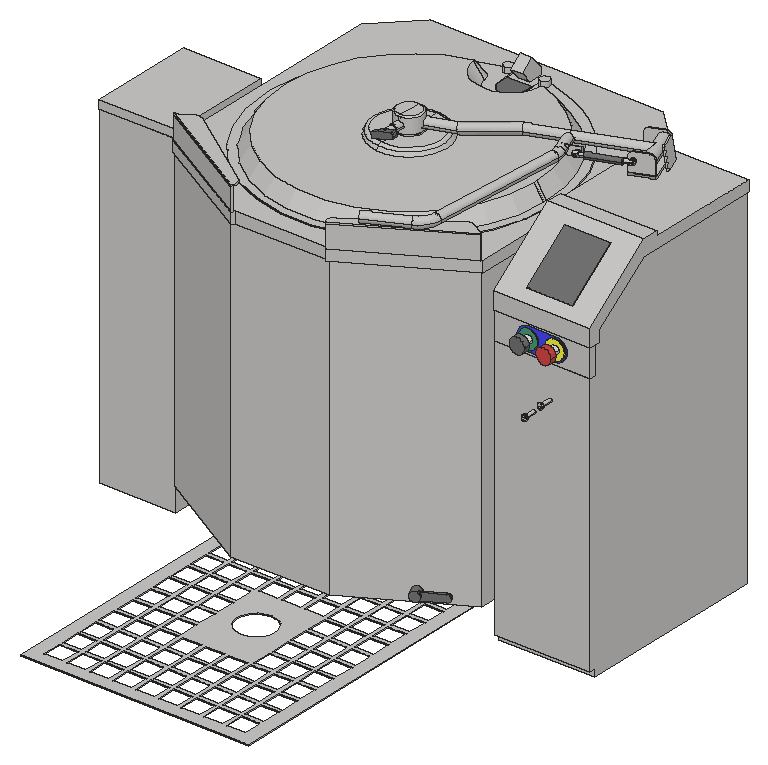
Revit family "QF_DIETATEC_C-CLASSIC_200_180516033151", category Specialty Equipment, Revit 2015
Parameters
  Width [instance] = 1305 mm
  Weight in Pounds [instance] = 418.874
  Volts [instance] = 400 V
  URL Cutsheet [instance] = ""
  URL = "www.dietatec.com"
  Status [instance] = ""
  Specification by User [instance] = ""
  Specification by Manufacturer [instance] = ""
  Serial Number [instance] = "C-CLASSIC_200"
  Seismic Rating [instance] = ""
  SMACNA No [instance] = ""
  Revision Code [instance] = ""
  Phase [instance] = 0
  Number of Poles [instance] = 3
  NAFEM Spec ID Number [instance] = ""
  Model = "54315"
  Min Ckt Ampacity [instance] = 0 A
  Max Overcurrent Protection [instance] = 0 A
  Masterspec [instance] = ""
  Manufacturer = "DIETATEC"
  ListPrice [instance] = 0
  Item Number [instance] = ""
  Installed By [instance] = ""
  Identify Quantity as Lot [instance] = yes
  Height [instance] = 1000 mm
  HP [instance] = ""
  Furnished By [instance] = ""
  Foodservice Equipment Identifier [instance] = yes
  FL Amps [instance] = 50 A
  Elec Conn RI Height [instance] = 0 mm
  Elec Conn Connection Height [instance] = 120 mm
  Description = "DIETA C-CLASSIC 200 KETTLE, ELECTRIC MODEL"
  Depth [instance] = 882 mm
  Cycle [instance] = 50 Hz
  Conn Plug [instance] = ""
  Conn Conduit [instance] = yes
  CSI MasterFormat [instance] = ""
  Assembly Code = "E1090320"
  Apparent Power [instance] = 31000 VA
Reference planes
  plane 1 "Center (Front/Back)": y = 0
  plane 2: z = 0
  plane 3 "Center (Left/Right)": x = 0
Forms (mm)
  Extrusion 1, solid, not visible
    sketch origin (954.4, -182.2, 120) x (1, 0, 0) y (0, 1, 0)
      loop
        line (0, 0) -> (2, 0) -> (2, 2) -> (0, 2) -> (0, 0)
    from 0 to 2
Dimensions and locks
  aligned and locked: level to plane 2
Nested families
  nested 1: "QF_Dietatec_C-CLASSIC_200_FL" at (0, 0, 0), type "54315_400_3"
    with Width 1305 mm, Status "", Specification by User "", Show Logo yes, Show Clearance yes, Revision Code "", Plumbing Remarks "", Plumbing Connection Type "", Number of Poles 3, ListPrice 0, Item Number "", Installed By "", Identify Quantity as Lot no, Height 1000 mm, Furnished By "", Foodservice Equipment Identifier yes, Electrical Remarks "", Electric Connection Type "", Elec Conn RI Height 0 mm, Elec Conn Connection Height 120 mm, Depth 882 mm, Conn Conduit no, Cold Water RI Height 120 mm, Cold Water Flow 0.0 L/s, Cold Water Consumption "", Cold Water Connection Height 120 mm
  nested 2: "QF_Dietatec_KETTLE_LEFT_LEG" at (0, -84, 0), type "KETTLE_LEFT_LEG"
    with Width 275 mm, Status "", Specification by User "", Show Logo yes, Show Clearance yes, Revision Code "", ListPrice 0, Item Number "", Installed By "", Identify Quantity as Lot no, Height 900 mm, Furnished By "", Foodservice Equipment Identifier yes, Depth 200 mm
Connectors
  electrical at (955.4, -180.2, 121), driven by "Volts"
    settings: on Extrusion 1, index 1, voltage 400 V, apparent load 31000 VA, apparent load phase1 0 VA, apparent load phase2 0 VA, apparent load phase3 0 VA, power factor 1, load classification "Other", number of poles 1, system type 30, power factor state 1, is connector primary yes, connector utility no, sub classification motor no, connector description "Electrical connection"
Definition of nested family "QF_Dietatec_C-CLASSIC_200_FL"
  Parameters (values of type "54315_400_3")
    Width [instance] = 0 mm
    Weight in Pounds = 418.8778
    Watts = 500 W
    Volts = 230 V
    URL Cutsheet = "www.dietatec.com"
    URL = "www.dietatec.com"
    Status [instance] = ""
    Specification by User [instance] = ""
    Specification by Manufacturer = ""
    Show Logo [instance] = yes
    Show Clearance [instance] = yes
    Serial Number = ""
    Seismic Rating = ""
    SMACNA No = ""
    Revision Code [instance] = ""
    Plumbing Remarks [instance] = ""
    Plumbing Connection Type [instance] = ""
    Phase = 1
    Number of Poles [instance] = 1
    NAFEM Spec ID Number = ""
    Model = "54315+43730"
    Min Ckt Ampacity = 0 A
    Max Overcurrent Protection = 0 A
    Masterspec = ""
    Manufacturer = "DIETATEC"
    ListPrice [instance] = 0
    Item Number [instance] = ""
    Installed By [instance] = ""
    Identify Quantity as Lot [instance] = no
    Height [instance] = 0 mm
    HP = "0.670510000000"
    Furnished By [instance] = ""
    Foodservice Equipment Identifier [instance] = yes
    FL Amps = 10 A
    Electrical Remarks [instance] = ""
    Electric Connection Type [instance] = ""
    Elec Conn RI Height [instance] = 0 mm
    Elec Conn Connection Height [instance] = 120 mm
    Description = "DIETA C-CLASSIC 200 KETTLE, STEAM MODEL"
    Depth [instance] = 0 mm
    Cycle = 50 Hz
    Conn Plug = ""
    Conn Conduit [instance] = no
    Cold Water Temperature Recommended = 0 °C
    Cold Water Size = 12.7 mm
    Cold Water RI Height [instance] = 120 mm
    Cold Water Minimum Pressure = 20000.0 Pa
    Cold Water Maximum Pressure = 50000.0 Pa
    Cold Water Flow [instance] = 0.0 L/s
    Cold Water Consumption [instance] = ""
    Cold Water Connection Height [instance] = 120 mm
    CSI MasterFormat = ""
    Assembly Code = "E1090320"
    Apparent Power = 500 VA
  Reference planes
    plane 1 "Back": y = 0
    plane 2: z = 0
    plane 3 "Left": x = 0
    plane 4 "Right": x = 1101.351
    plane 5 "Front": y = -882.143
    plane 6 "Top": z = 1000
  Forms (mm)
    Extrusion 1, solid
      sketch origin (1928.665, 818.484, 150) x (1, 0, 0) y (0, 1, 0)
        loop
          line (-1804.703, -1372.685) -> (-1804.703, -2172.685) -> (-1204.703, -2172.685) -> (-1204.703, -1372.685) -> (-1804.703, -1372.685)
        loop
          line (-1769.703, -1427.685) -> (-1769.703, -1477.685) -> (-1719.703, -1477.685) -> (-1719.703, -1427.685) -> (-1769.703, -1427.685)
        loop
          line (-1709.703, -1427.685) -> (-1709.703, -1477.685) -> (-1659.703, -1477.685) -> (-1659.703, -1427.685) -> (-1709.703, -1427.685)
        loop
          line (-1649.703, -1427.685) -> (-1649.703, -1477.685) -> (-1599.703, -1477.685) -> (-1599.703, -1427.685) -> (-1649.703, -1427.685)
        loop
          line (-1589.703, -1427.685) -> (-1589.703, -1477.685) -> (-1539.703, -1477.685) -> (-1539.703, -1427.685) -> (-1589.703, -1427.685)
        loop
          line (-1529.703, -1427.685) -> (-1529.703, -1477.685) -> (-1479.703, -1477.685) -> (-1479.703, -1427.685) -> (-1529.703, -1427.685)
        loop
          line (-1469.703, -1427.685) -> (-1469.703, -1477.685) -> (-1419.703, -1477.685) -> (-1419.703, -1427.685) -> (-1469.703, -1427.685)
        loop
          line (-1409.703, -1427.685) -> (-1409.703, -1477.685) -> (-1359.703, -1477.685) -> (-1359.703, -1427.685) -> (-1409.703, -1427.685)
        loop
          line (-1349.703, -1427.685) -> (-1349.703, -1477.685) -> (-1299.703, -1477.685) -> (-1299.703, -1427.685) -> (-1349.703, -1427.685)
        loop
          line (-1289.703, -1427.685) -> (-1289.703, -1477.685) -> (-1239.703, -1477.685) -> (-1239.703, -1427.685) -> (-1289.703, -1427.685)
        loop
          line (-1769.703, -1487.685) -> (-1769.703, -1537.685) -> (-1719.703, -1537.685) -> (-1719.703, -1487.685) -> (-1769.703, -1487.685)
        loop
          line (-1709.703, -1487.685) -> (-1709.703, -1537.685) -> (-1659.703, -1537.685) -> (-1659.703, -1487.685) -> (-1709.703, -1487.685)
        loop
          line (-1649.703, -1487.685) -> (-1649.703, -1537.685) -> (-1599.703, -1537.685) -> (-1599.703, -1487.685) -> (-1649.703, -1487.685)
        loop
          line (-1589.703, -1487.685) -> (-1589.703, -1537.685) -> (-1539.703, -1537.685) -> (-1539.703, -1487.685) -> (-1589.703, -1487.685)
        loop
          line (-1529.703, -1487.685) -> (-1529.703, -1537.685) -> (-1479.703, -1537.685) -> (-1479.703, -1487.685) -> (-1529.703, -1487.685)
        loop
          line (-1469.703, -1487.685) -> (-1469.703, -1537.685) -> (-1419.703, -1537.685) -> (-1419.703, -1487.685) -> (-1469.703, -1487.685)
        loop
          line (-1409.703, -1487.685) -> (-1409.703, -1537.685) -> (-1359.703, -1537.685) -> (-1359.703, -1487.685) -> (-1409.703, -1487.685)
        loop
          line (-1349.703, -1487.685) -> (-1349.703, -1537.685) -> (-1299.703, -1537.685) -> (-1299.703, -1487.685) -> (-1349.703, -1487.685)
        loop
          line (-1289.703, -1487.685) -> (-1289.703, -1537.685) -> (-1239.703, -1537.685) -> (-1239.703, -1487.685) -> (-1289.703, -1487.685)
        loop
          line (-1769.703, -1547.685) -> (-1769.703, -1597.685) -> (-1719.703, -1597.685) -> (-1719.703, -1547.685) -> (-1769.703, -1547.685)
        loop
          line (-1709.703, -1547.685) -> (-1709.703, -1597.685) -> (-1659.703, -1597.685) -> (-1659.703, -1547.685) -> (-1709.703, -1547.685)
        loop
          line (-1649.703, -1547.685) -> (-1649.703, -1597.685) -> (-1599.703, -1597.685) -> (-1599.703, -1547.685) -> (-1649.703, -1547.685)
        loop
          line (-1589.703, -1547.685) -> (-1589.703, -1597.685) -> (-1539.703, -1597.685) -> (-1539.703, -1547.685) -> (-1589.703, -1547.685)
        loop
          line (-1529.703, -1547.685) -> (-1529.703, -1597.685) -> (-1479.703, -1597.685) -> (-1479.703, -1547.685) -> (-1529.703, -1547.685)
        loop
          line (-1469.703, -1547.685) -> (-1469.703, -1597.685) -> (-1419.703, -1597.685) -> (-1419.703, -1547.685) -> (-1469.703, -1547.685)
        loop
          line (-1409.703, -1547.685) -> (-1409.703, -1597.685) -> (-1359.703, -1597.685) -> (-1359.703, -1547.685) -> (-1409.703, -1547.685)
        loop
          line (-1349.703, -1547.685) -> (-1349.703, -1597.685) -> (-1299.703, -1597.685) -> (-1299.703, -1547.685) -> (-1349.703, -1547.685)
        loop
          line (-1289.703, -1547.685) -> (-1289.703, -1597.685) -> (-1239.703, -1597.685) -> (-1239.703, -1547.685) -> (-1289.703, -1547.685)
        loop
          line (-1769.703, -1607.685) -> (-1769.703, -1657.685) -> (-1719.703, -1657.685) -> (-1719.703, -1607.685) -> (-1769.703, -1607.685)
        loop
          line (-1709.703, -1607.685) -> (-1709.703, -1657.685) -> (-1659.703, -1657.685) -> (-1659.703, -1607.685) -> (-1709.703, -1607.685)
        loop
          line (-1649.703, -1607.685) -> (-1649.703, -1657.685) -> (-1599.703, -1657.685) -> (-1599.703, -1607.685) -> (-1649.703, -1607.685)
        loop
          line (-1589.703, -1607.685) -> (-1589.703, -1657.685) -> (-1539.703, -1657.685) -> (-1539.703, -1607.685) -> (-1589.703, -1607.685)
        loop
          line (-1529.703, -1607.685) -> (-1529.703, -1657.685) -> (-1479.703, -1657.685) -> (-1479.703, -1607.685) -> (-1529.703, -1607.685)
        loop
          line (-1469.703, -1607.685) -> (-1469.703, -1657.685) -> (-1419.703, -1657.685) -> (-1419.703, -1607.685) -> (-1469.703, -1607.685)
        loop
          line (-1409.703, -1607.685) -> (-1409.703, -1657.685) -> (-1359.703, -1657.685) -> (-1359.703, -1607.685) -> (-1409.703, -1607.685)
        loop
          line (-1349.703, -1607.685) -> (-1349.703, -1657.685) -> (-1299.703, -1657.685) -> (-1299.703, -1607.685) -> (-1349.703, -1607.685)
        loop
          line (-1289.703, -1607.685) -> (-1289.703, -1657.685) -> (-1239.703, -1657.685) -> (-1239.703, -1607.685) -> (-1289.703, -1607.685)
        loop
          line (-1769.703, -1667.685) -> (-1769.703, -1717.685) -> (-1719.703, -1717.685) -> (-1719.703, -1667.685) -> (-1769.703, -1667.685)
        loop
          line (-1709.703, -1667.685) -> (-1709.703, -1717.685) -> (-1659.703, -1717.685) -> (-1659.703, -1667.685) -> (-1709.703, -1667.685)
        loop
          line (-1649.703, -1667.685) -> (-1649.703, -1717.685) -> (-1599.703, -1717.685) -> (-1599.703, -1667.685) -> (-1649.703, -1667.685)
        loop
          line (-1409.703, -1667.685) -> (-1409.703, -1717.685) -> (-1359.703, -1717.685) -> (-1359.703, -1667.685) -> (-1409.703, -1667.685)
        loop
          line (-1349.703, -1667.685) -> (-1349.703, -1717.685) -> (-1299.703, -1717.685) -> (-1299.703, -1667.685) -> (-1349.703, -1667.685)
        loop
          line (-1289.703, -1667.685) -> (-1289.703, -1717.685) -> (-1239.703, -1717.685) -> (-1239.703, -1667.685) -> (-1289.703, -1667.685)
        loop
          line (-1769.703, -1727.685) -> (-1769.703, -1777.685) -> (-1719.703, -1777.685) -> (-1719.703, -1727.685) -> (-1769.703, -1727.685)
        loop
          line (-1709.703, -1727.685) -> (-1709.703, -1777.685) -> (-1659.703, -1777.685) -> (-1659.703, -1727.685) -> (-1709.703, -1727.685)
        loop
          line (-1649.703, -1727.685) -> (-1649.703, -1777.685) -> (-1599.703, -1777.685) -> (-1599.703, -1727.685) -> (-1649.703, -1727.685)
        loop
          line (-1409.703, -1727.685) -> (-1409.703, -1777.685) -> (-1359.703, -1777.685) -> (-1359.703, -1727.685) -> (-1409.703, -1727.685)
        loop
          line (-1349.703, -1727.685) -> (-1349.703, -1777.685) -> (-1299.703, -1777.685) -> (-1299.703, -1727.685) -> (-1349.703, -1727.685)
        loop
          line (-1289.703, -1727.685) -> (-1289.703, -1777.685) -> (-1239.703, -1777.685) -> (-1239.703, -1727.685) -> (-1289.703, -1727.685)
        loop
          line (-1769.703, -1787.685) -> (-1769.703, -1837.685) -> (-1719.703, -1837.685) -> (-1719.703, -1787.685) -> (-1769.703, -1787.685)
        loop
          line (-1709.703, -1787.685) -> (-1709.703, -1837.685) -> (-1659.703, -1837.685) -> (-1659.703, -1787.685) -> (-1709.703, -1787.685)
        loop
          line (-1649.703, -1787.685) -> (-1649.703, -1837.685) -> (-1599.703, -1837.685) -> (-1599.703, -1787.685) -> (-1649.703, -1787.685)
        loop
          line (-1409.703, -1787.685) -> (-1409.703, -1837.685) -> (-1359.703, -1837.685) -> (-1359.703, -1787.685) -> (-1409.703, -1787.685)
        loop
          line (-1349.703, -1787.685) -> (-1349.703, -1837.685) -> (-1299.703, -1837.685) -> (-1299.703, -1787.685) -> (-1349.703, -1787.685)
        loop
          line (-1289.703, -1787.685) -> (-1289.703, -1837.685) -> (-1239.703, -1837.685) -> (-1239.703, -1787.685) -> (-1289.703, -1787.685)
        loop
          line (-1769.703, -1847.685) -> (-1769.703, -1897.685) -> (-1719.703, -1897.685) -> (-1719.703, -1847.685) -> (-1769.703, -1847.685)
        loop
          line (-1709.703, -1847.685) -> (-1709.703, -1897.685) -> (-1659.703, -1897.685) -> (-1659.703, -1847.685) -> (-1709.703, -1847.685)
        loop
          line (-1649.703, -1847.685) -> (-1649.703, -1897.685) -> (-1599.703, -1897.685) -> (-1599.703, -1847.685) -> (-1649.703, -1847.685)
        loop
          line (-1409.703, -1847.685) -> (-1409.703, -1897.685) -> (-1359.703, -1897.685) -> (-1359.703, -1847.685) -> (-1409.703, -1847.685)
        loop
          line (-1349.703, -1847.685) -> (-1349.703, -1897.685) -> (-1299.703, -1897.685) -> (-1299.703, -1847.685) -> (-1349.703, -1847.685)
        loop
          line (-1289.703, -1847.685) -> (-1289.703, -1897.685) -> (-1239.703, -1897.685) -> (-1239.703, -1847.685) -> (-1289.703, -1847.685)
        loop
          line (-1769.703, -1907.685) -> (-1769.703, -1957.685) -> (-1719.703, -1957.685) -> (-1719.703, -1907.685) -> (-1769.703, -1907.685)
        loop
          line (-1709.703, -1907.685) -> (-1709.703, -1957.685) -> (-1659.703, -1957.685) -> (-1659.703, -1907.685) -> (-1709.703, -1907.685)
        loop
          line (-1649.703, -1907.685) -> (-1649.703, -1957.685) -> (-1599.703, -1957.685) -> (-1599.703, -1907.685) -> (-1649.703, -1907.685)
        loop
          line (-1589.703, -1907.685) -> (-1589.703, -1957.685) -> (-1539.703, -1957.685) -> (-1539.703, -1907.685) -> (-1589.703, -1907.685)
        loop
          line (-1529.703, -1907.685) -> (-1529.703, -1957.685) -> (-1479.703, -1957.685) -> (-1479.703, -1907.685) -> (-1529.703, -1907.685)
        loop
          line (-1469.703, -1907.685) -> (-1469.703, -1957.685) -> (-1419.703, -1957.685) -> (-1419.703, -1907.685) -> (-1469.703, -1907.685)
        loop
          line (-1409.703, -1907.685) -> (-1409.703, -1957.685) -> (-1359.703, -1957.685) -> (-1359.703, -1907.685) -> (-1409.703, -1907.685)
        loop
          line (-1349.703, -1907.685) -> (-1349.703, -1957.685) -> (-1299.703, -1957.685) -> (-1299.703, -1907.685) -> (-1349.703, -1907.685)
        loop
          line (-1289.703, -1907.685) -> (-1289.703, -1957.685) -> (-1239.703, -1957.685) -> (-1239.703, -1907.685) -> (-1289.703, -1907.685)
        loop
          line (-1769.703, -1967.685) -> (-1769.703, -2017.685) -> (-1719.703, -2017.685) -> (-1719.703, -1967.685) -> (-1769.703, -1967.685)
        loop
          line (-1709.703, -1967.685) -> (-1709.703, -2017.685) -> (-1659.703, -2017.685) -> (-1659.703, -1967.685) -> (-1709.703, -1967.685)
        loop
          line (-1649.703, -1967.685) -> (-1649.703, -2017.685) -> (-1599.703, -2017.685) -> (-1599.703, -1967.685) -> (-1649.703, -1967.685)
        loop
          line (-1589.703, -1967.685) -> (-1589.703, -2017.685) -> (-1539.703, -2017.685) -> (-1539.703, -1967.685) -> (-1589.703, -1967.685)
        loop
          line (-1529.703, -1967.685) -> (-1529.703, -2017.685) -> (-1479.703, -2017.685) -> (-1479.703, -1967.685) -> (-1529.703, -1967.685)
        loop
          line (-1469.703, -1967.685) -> (-1469.703, -2017.685) -> (-1419.703, -2017.685) -> (-1419.703, -1967.685) -> (-1469.703, -1967.685)
        loop
          line (-1409.703, -1967.685) -> (-1409.703, -2017.685) -> (-1359.703, -2017.685) -> (-1359.703, -1967.685) -> (-1409.703, -1967.685)
        loop
          line (-1349.703, -1967.685) -> (-1349.703, -2017.685) -> (-1299.703, -2017.685) -> (-1299.703, -1967.685) -> (-1349.703, -1967.685)
        loop
          line (-1289.703, -1967.685) -> (-1289.703, -2017.685) -> (-1239.703, -2017.685) -> (-1239.703, -1967.685) -> (-1289.703, -1967.685)
        loop
          line (-1769.703, -2027.685) -> (-1769.703, -2077.685) -> (-1719.703, -2077.685) -> (-1719.703, -2027.685) -> (-1769.703, -2027.685)
        loop
          line (-1709.703, -2027.685) -> (-1709.703, -2077.685) -> (-1659.703, -2077.685) -> (-1659.703, -2027.685) -> (-1709.703, -2027.685)
        loop
          line (-1649.703, -2027.685) -> (-1649.703, -2077.685) -> (-1599.703, -2077.685) -> (-1599.703, -2027.685) -> (-1649.703, -2027.685)
        loop
          line (-1589.703, -2027.685) -> (-1589.703, -2077.685) -> (-1539.703, -2077.685) -> (-1539.703, -2027.685) -> (-1589.703, -2027.685)
        loop
          line (-1529.703, -2027.685) -> (-1529.703, -2077.685) -> (-1479.703, -2077.685) -> (-1479.703, -2027.685) -> (-1529.703, -2027.685)
        loop
          line (-1469.703, -2027.685) -> (-1469.703, -2077.685) -> (-1419.703, -2077.685) -> (-1419.703, -2027.685) -> (-1469.703, -2027.685)
        loop
          line (-1409.703, -2027.685) -> (-1409.703, -2077.685) -> (-1359.703, -2077.685) -> (-1359.703, -2027.685) -> (-1409.703, -2027.685)
        loop
          line (-1349.703, -2027.685) -> (-1349.703, -2077.685) -> (-1299.703, -2077.685) -> (-1299.703, -2027.685) -> (-1349.703, -2027.685)
        loop
          line (-1289.703, -2027.685) -> (-1289.703, -2077.685) -> (-1239.703, -2077.685) -> (-1239.703, -2027.685) -> (-1289.703, -2027.685)
        loop
          line (-1769.703, -2087.685) -> (-1769.703, -2137.685) -> (-1719.703, -2137.685) -> (-1719.703, -2087.685) -> (-1769.703, -2087.685)
        loop
          line (-1709.703, -2087.685) -> (-1709.703, -2137.685) -> (-1659.703, -2137.685) -> (-1659.703, -2087.685) -> (-1709.703, -2087.685)
        loop
          line (-1649.703, -2087.685) -> (-1649.703, -2137.685) -> (-1599.703, -2137.685) -> (-1599.703, -2087.685) -> (-1649.703, -2087.685)
        loop
          line (-1589.703, -2087.685) -> (-1589.703, -2137.685) -> (-1539.703, -2137.685) -> (-1539.703, -2087.685) -> (-1589.703, -2087.685)
        loop
          line (-1529.703, -2087.685) -> (-1529.703, -2137.685) -> (-1479.703, -2137.685) -> (-1479.703, -2087.685) -> (-1529.703, -2087.685)
        loop
          line (-1469.703, -2087.685) -> (-1469.703, -2137.685) -> (-1419.703, -2137.685) -> (-1419.703, -2087.685) -> (-1469.703, -2087.685)
        loop
          line (-1409.703, -2087.685) -> (-1409.703, -2137.685) -> (-1359.703, -2137.685) -> (-1359.703, -2087.685) -> (-1409.703, -2087.685)
        loop
          line (-1349.703, -2087.685) -> (-1349.703, -2137.685) -> (-1299.703, -2137.685) -> (-1299.703, -2087.685) -> (-1349.703, -2087.685)
        loop
          line (-1289.703, -2087.685) -> (-1289.703, -2137.685) -> (-1239.703, -2137.685) -> (-1239.703, -2087.685) -> (-1289.703, -2087.685)
        loop
          circle (-1504.703, -1772.685) r 50
      from -150 to -148
    Extrusion 2, solid
      sketch origin (-52.149, -1084.701, 0) x (0, 1, 0) y (0, 0, 1)
        loop
          line (899, 0) -> (899, 921.5) -> (555.633, 921.5) -> (410.5, 812.65) -> (410.5, 782.65) -> (397.5, 782.65) -> (397.5, 710.15) -> (382, 710.15) -> (382, 19) -> (397.5, 19) -> (397.5, 0) -> (899, 0)
      from 901 to 1152
    Extrusion 3, solid
      sketch origin (-52.149, -84.701, 0) x (0, 1, 0) y (0, 0, 1)
        loop
          line (-602.5, 782.65) -> (-618, 782.65) -> (-618, 710.15) -> (-602.5, 710.15) -> (-602.5, 782.65)
      from 901 to 1152
    Extrusion 4, solid
      sketch origin (199.351, -816.73, 6.15) x (1, 0, 0) y (0, 0, 1)
        loop
          circle (740, 741) r 10
      from -112.029 to -90
    Extrusion 5, solid
      sketch origin (199.351, -876.73, 6.15) x (1, 0, 0) y (0, 0, 1)
        loop
          circle (740, 741) r 20
      from -150 to -135
    Extrusion 6, solid
      sketch origin (199.351, -852.701, 6.15) x (1, 0, 0) y (0, 0, 1)
        loop
          circle (740, 741) r 25
      from -150 to -148
    Extrusion 7, solid
      sketch origin (269.351, -816.73, 6.15) x (1, 0, 0) y (0, 0, 1)
        loop
          circle (740, 741) r 10
      from -112.029 to -90
    Extrusion 8, solid
      sketch origin (269.351, -876.73, 6.15) x (1, 0, 0) y (0, 0, 1)
        loop
          circle (740, 741) r 20
      from -150 to -135
    Extrusion 9, solid
      sketch origin (269.351, -852.701, 6.15) x (1, 0, 0) y (0, 0, 1)
        loop
          circle (740, 741) r 25
      from -150 to -148
    Extrusion 10, solid
      sketch origin (281.351, -851.701, -53.35) x (1, 0, 0) y (0, 0, 1)
        loop
          arc (658, 830.5) -> (628, 800.5) -> (658, 770.5) r 30
          line (658, 770.5) -> (728, 770.5)
          arc (728, 770.5) -> (758, 800.5) -> (728, 830.5) r 30
          line (728, 830.5) -> (658, 830.5)
      from -150 to -148
    Extrusion 11, solid
      sketch origin (-52.149, -84.701, 0) x (0, 1, 0) y (0, 0, 1)
        loop
          line (-468.4, 941.6) -> (-593.2, 848) -> (-592, 846.4) -> (-467.2, 940) -> (-468.4, 941.6)
      from 966.5 to 1086.5
    Revolve 12, solid
      sketch origin (-52.149, -84.701, 580) x (1, 0, 0) y (0, 1, 0)
        loop
          line (1009.5, -618.013) -> (1005.5, -618.013) -> (1005.5, -651) -> (1012.485, -651)
          arc (1012.485, -651) -> (1012.849, -650.849) -> (1013, -650.485) r 0.515
          line (1013, -650.485) -> (1013, -648.5) -> (1009.5, -648.5) -> (1009.5, -618.013)
        axis (1005.5, -651) -> (1005.5, -618.013)
      angle from 0 to 360
    Revolve 13, solid
      sketch origin (-10.149, -84.701, 622) x (1, 0, 0) y (0, 1, 0)
        loop
          line (1009.5, -618.003) -> (1005.5, -618.003) -> (1005.5, -651) -> (1012.485, -651)
          arc (1012.485, -651) -> (1012.849, -650.849) -> (1013, -650.485) r 0.515
          line (1013, -650.485) -> (1013, -648.5) -> (1009.5, -648.5) -> (1009.5, -618.003)
        axis (1005.5, -651) -> (1005.5, -618.003)
      angle from 0 to 360
    Revolve 14, solid
      sketch origin (449.493, -85.884, 0) x (0.069756, 0.997564, 0) y (0, 0, 1)
        loop
          line (-366, 996.521) -> (-366, 938.475) -> (-268.572, 938.475) -> (-273.65, 947.271)
          arc (-273.65, 947.271) -> (-277.494, 951.114) -> (-282.744, 952.521) r 10.5
          line (-282.744, 952.521) -> (-331, 952.521) -> (-331, 954.521) -> (-332.5, 954.521) -> (-332.5, 993.021) -> (-336, 996.521) -> (-366, 996.521)
        axis (-366, 938.475) -> (-366, 996.521)
      angle from 0 to 360
    Extrusion 15, solid
      sketch origin (-203.222, 0, 0) x (0, 1, 0) y (0, 0, 1)
        loop
          line (-37.248, 900) -> (-37.248, 918.83) -> (-67.358, 954.713) -> (-98.033, 928.974) -> (-73.721, 900) -> (-37.248, 900)
      from 612.168 to 642.201
    Extrusion 16, solid
      sketch origin (-127.888, -501.28, 0) x (0.999977, -0.006728, 0) y (0, 0, 1)
        loop
          arc (524.133, 972.678) -> (522.051, 970.677) -> (521.857, 967.795) r 4.004
          line (521.857, 967.795) -> (523.853, 961.376)
          arc (523.853, 961.376) -> (525.646, 959.116) -> (528.494, 958.65) r 4
          line (528.494, 958.65) -> (545.58, 962.233) -> (562.767, 967.58) -> (578.87, 974.324)
          arc (578.87, 974.324) -> (580.95, 976.323) -> (581.145, 979.201) r 4
          line (581.145, 979.201) -> (579.147, 985.624)
          arc (579.147, 985.624) -> (577.354, 987.884) -> (574.506, 988.35) r 4
          line (574.506, 988.35) -> (557.42, 984.767) -> (540.233, 979.42) -> (524.133, 972.678)
      from 23.355 to 35.355
    Revolve 17, solid
      sketch origin (-125.063, -81.29, 973.5) x (0.999977, -0.006728, 0) y (0.006728, 0.999977, 0)
        loop
          line (541.5, -394.5) -> (541.5, -418.855) -> (542.908, -418.855) -> (542.908, -421.355) -> (547, -421.355) -> (547, -423.355) -> (542.5, -423.355) -> (542.5, -443.355) -> (551.5, -443.355) -> (551.5, -394.5) -> (541.5, -394.5)
        axis (551.5, -443.355) -> (551.5, -394.5)
      angle from 0 to 360
    Sweep 18, solid
      path origin (-29.828, -20.157, 991.467) x (0.997564, -0.069756, 0) y (0.069756, 0.997564, 0)
        loop
          line (713.584, -801.303) -> (810.113, -745.571)
          arc (810.113, -745.571) -> (832.767, -722.926) -> (841.075, -691.99) r 61.924
          line (841.075, -691.99) -> (841.342, -336.075)
          arc (841.342, -336.075) -> (839.866, -322.524) -> (835.486, -309.615) r 62.5
          line (835.486, -309.615) -> (806.642, -247.757)
      profile origin (773.474, -591.617, 991.467) x (-0.997511, 0.070504, 0) y (0, 0, 1)
        loop
          circle (12.5, 0) r 12.5
    Sweep 19, solid
      path origin (-53.323, -634.245, 1.076) x (0.93358, 0.358368, 0) y (0, 0, 1)
        loop
          line (541.187, 957.5) -> (619.254, 957.5) -> (759.731, 979) -> (1039.731, 979)
      profile origin (488.36, -426.313, 958.576) x (0, 0, 1) y (0.358368, -0.93358, 0)
        loop
          circle (12.5, 0) r 12.5
    Extrusion 20, solid
      sketch origin (514.631, -1074.754, -191.981) x (0.866025, 0.5, 0) y (0, 0, 1)
        loop
          circle (315, 303) r 12
      from -150 to -125
    Extrusion 21, solid
      sketch origin (523.631, -1090.342, -191.981) x (0.866025, 0.5, 0) y (0, 0, 1)
        loop
          line (321.633, 293) -> (381, 293)
          arc (381, 293) -> (391, 303) -> (381, 313) r 10
          line (381, 313) -> (321.633, 313)
          arc (321.633, 313) -> (327, 303) -> (321.633, 293) r 12
      from -150 to -145
    Extrusion 22, solid
      sketch origin (-29.828, -20.157, 950) x (0.997564, -0.069756, 0) y (0.069756, 0.997564, 0)
        loop
          line (858.004, -281.002) -> (817.22, -300.02) -> (818.488, -302.739) -> (859.272, -283.721) -> (858.004, -281.002)
      from 30 to 53
    Revolve 23, solid
      sketch origin (-30.062, -20.247, 991.5) x (0.997564, -0.069756, 0) y (0.069756, 0.997564, 0)
        loop
          line (870.848, -285.378) -> (847.634, -296.204)
          arc (847.634, -296.204) -> (847.606, -298.584) -> (848.28, -300.868) r 8
          line (848.28, -300.868) -> (872.75, -289.457) -> (870.848, -285.378)
        loop
          line (944.709, -250.937) -> (946.611, -255.015) -> (971.081, -243.604)
          arc (971.081, -243.604) -> (969.765, -241.62) -> (967.924, -240.112) r 8
          line (967.924, -240.112) -> (944.709, -250.937)
        axis (848.28, -300.868) -> (971.081, -243.604)
      angle from 0 to 360
    Revolve 24, solid
      sketch origin (-29.828, -20.157, 991.5) x (0.997564, -0.069756, 0) y (0.069756, 0.997564, 0)
        loop
          line (872.524, -289.563) -> (946.841, -254.908) -> (943.671, -248.111) -> (869.354, -282.765) -> (872.524, -289.563)
        axis (872.524, -289.563) -> (946.841, -254.908)
      angle from 0 to 360
    Revolve 25, solid
      sketch origin (-29.828, -20.157, 991.83) x (0.997564, -0.069756, 0) y (0.069756, 0.997564, 0)
        loop
          line (856.34, -305.494) -> (858.742, -304.375) -> (845.326, -275.604) -> (843.514, -276.449) -> (843.03, -277.778) -> (848.207, -288.881) -> (846.394, -289.726) -> (847.602, -292.316)
          arc (847.602, -292.316) -> (848.524, -291.928) -> (849.43, -291.504) r 25
          line (849.43, -291.504) -> (851.438, -294.982) -> (856.34, -305.494)
        axis (845.326, -275.604) -> (858.742, -304.375)
      angle from 0 to 360
    Revolve 26, solid
      sketch origin (1294.737, 488.296, 991.83) x (-0.694658, -0.71934, 0) y (0.71934, -0.694658, 0)
        loop
          line (856.34, 305.494) -> (851.438, 294.982) -> (849.43, 291.504)
          arc (849.43, 291.504) -> (848.524, 291.928) -> (847.602, 292.316) r 25
          line (847.602, 292.316) -> (846.394, 289.726) -> (848.207, 288.881) -> (843.03, 277.778) -> (843.514, 276.449) -> (845.326, 275.604) -> (858.742, 304.375) -> (856.34, 305.494)
        axis (845.326, 275.604) -> (858.742, 304.375)
      angle from 0 to 360
    Extrusion 27, solid
      sketch origin (-594.447, -631.182, 0) x (0.93358, 0.358368, 0) y (0, 0, 1)
        loop
          arc (1518.24, 1010.5) -> (1507.633, 1006.107) -> (1503.24, 995.5) r 15
          line (1503.24, 995.5) -> (1503.24, 961.15) -> (1563.24, 961.15) -> (1563.24, 995.5)
          arc (1563.24, 995.5) -> (1558.846, 1006.107) -> (1548.24, 1010.5) r 15
          line (1548.24, 1010.5) -> (1518.24, 1010.5)
      from 141.433 to 145.433
    Extrusion 28, solid
      sketch origin (-556.281, -730.609, 0) x (0.93358, 0.358368, 0) y (0, 0, 1)
        loop
          arc (1518.24, 1010.5) -> (1507.633, 1006.107) -> (1503.24, 995.5) r 15
          line (1503.24, 995.5) -> (1503.24, 961.15) -> (1563.24, 961.15) -> (1563.24, 995.5)
          arc (1563.24, 995.5) -> (1558.846, 1006.107) -> (1548.24, 1010.5) r 15
          line (1548.24, 1010.5) -> (1518.24, 1010.5)
      from 141.433 to 145.433
    Extrusion 29, solid
      sketch origin (-1.81, -614.152, 0) x (0.93358, 0.358368, 0) y (0, 0, 1)
        loop
          circle (988.861, 991.5) r 15
      from -51.05 to 51.45
    Extrusion 30, solid
      sketch origin (509.773, 1179.28, 0) x (0.358368, -0.93358, 0) y (0, 0, 1)
        loop
          line (1435.928, 961.15) -> (1435.928, 959.475)
          arc (1435.928, 959.475) -> (1438.263, 953.836) -> (1443.902, 951.5) r 7.975
          line (1443.902, 951.5) -> (1538.453, 951.5)
          arc (1538.453, 951.5) -> (1544.092, 953.836) -> (1546.428, 959.475) r 7.975
          line (1546.428, 959.475) -> (1546.428, 961.15) -> (1542.428, 961.15) -> (1542.428, 959.475)
          arc (1542.428, 959.475) -> (1541.263, 956.664) -> (1538.453, 955.5) r 3.975
          line (1538.453, 955.5) -> (1443.902, 955.5)
          arc (1443.902, 955.5) -> (1441.092, 956.664) -> (1439.928, 959.475) r 3.975
          line (1439.928, 959.475) -> (1439.928, 961.15) -> (1435.928, 961.15)
      from 116.451 to 176.451
    Extrusion 31, solid
      sketch origin (736.533, 773.531, 13.851) x (0.35671, -0.934215, 0) y (-0.158027, -0.060339, 0.985589)
        loop
          line (1006.415, 961.15) -> (1056.415, 961.15) -> (1056.415, 1013.467)
          arc (1056.415, 1013.467) -> (1054.95, 1017.002) -> (1051.415, 1018.467) r 5
          arc (1051.415, 1018.467) -> (1031.415, 1014.603) -> (1011.415, 1018.467) r 53.69
          arc (1011.415, 1018.467) -> (1007.879, 1017.002) -> (1006.415, 1013.467) r 5
          line (1006.415, 1013.467) -> (1006.415, 961.15)
      from 0 to 4
    Extrusion 32, solid, visible <- "Show Clearance", detail levels coarse
      sketch origin (166.778, 189.339, 0) x (1, 0, 0) y (0, 1, 0)
        loop
          line (-370, -189.339) -> (934.573, -189.339) -> (934.573, 236.46) -> (-370, 236.46) -> (-370, -189.339)
      from 0 to 1013
    Extrusion 33, solid
      sketch origin (94.351, -332.201, -68) x (1, 0, 0) y (0, 0, 1)
        loop
          circle (930, 278) r 15
      from -150 to -146.5
    Extrusion 34, solid
      sketch origin (94.351, -332.201, -158) x (1, 0, 0) y (0, 0, 1)
        loop
          circle (930, 278) r 15
      from -150 to -146.5
    Extrusion 35, solid
      sketch origin (24.351, -332.201, -158) x (1, 0, 0) y (0, 0, 1)
        loop
          circle (930, 278) r 15
      from -150 to -146.5
    Extrusion 36, solid
      sketch origin (94.351, -332.201, -113) x (1, 0, 0) y (0, 0, 1)
        loop
          circle (930, 278) r 15
      from -150 to -146.5
    Revolve 37, solid
      sketch origin (-203.222, 0, 775.847) x (1, 0, 0) y (0, 1, 0)
        loop
          line (224.108, -515.478) -> (218.889, -515.478) -> (218.889, -516.614) -> (204.723, -516.614) -> (204.723, -511.058) -> (203.222, -511.058) -> (203.222, -561.112) -> (224.108, -561.112) -> (224.108, -515.478)
        axis (224.108, -561.112) -> (203.222, -561.112)
      angle from 0 to 360
    Revolve 38, solid
      sketch origin (1051.147, 0, 775.847) x (-1, 0, 0) y (0, -1, 0)
        loop
          line (224.108, 515.478) -> (224.108, 561.112) -> (203.222, 561.112) -> (203.222, 511.058) -> (204.723, 511.058) -> (204.723, 516.614) -> (218.889, 516.614) -> (218.889, 515.478) -> (224.108, 515.478)
        axis (224.108, 561.112) -> (203.222, 561.112)
      angle from 0 to 360
    Extrusion 39, solid
      sketch origin (-203.222, 0, 900.189) x (1, 0, 0) y (0, 1, 0)
        loop
          arc (576.609, -53.748) -> (536.331, -65.59) -> (497.186, -80.765) r 500.546
          arc (497.186, -80.765) -> (454.599, -100.836) -> (414.992, -126.287) r 360.393
          arc (414.992, -126.287) -> (295.076, -260.942) -> (251.775, -435.976) r 375.41
          line (251.775, -435.976) -> (251.775, -450.992)
          arc (251.775, -450.992) -> (627.184, -826.402) -> (1002.594, -450.992) r 375.41
          line (1002.594, -450.992) -> (1002.594, -435.976)
          arc (1002.594, -435.976) -> (959.292, -260.942) -> (839.376, -126.287) r 375.41
          arc (839.376, -126.287) -> (799.769, -100.836) -> (757.182, -80.765) r 360.393
          arc (757.182, -80.765) -> (718.038, -65.59) -> (677.759, -53.748) r 500.546
          arc (677.759, -53.748) -> (667.837, -55.384) -> (662.222, -63.727) r 12.688
          line (662.222, -63.727) -> (662.222, -79.406)
          arc (662.222, -79.406) -> (661.215, -101.611) -> (658.202, -123.634) r 245.268
          arc (658.202, -123.634) -> (627.184, -149.482) -> (596.167, -123.634) r 31.534
          arc (596.167, -123.634) -> (593.153, -101.611) -> (592.146, -79.406) r 245.268
          line (592.146, -79.406) -> (592.146, -63.727)
          arc (592.146, -63.727) -> (586.531, -55.384) -> (576.609, -53.748) r 12.688
      from 0 to 2
    Blend 40, solid
      base sketch origin (-203.222, 0, 0) x (1, 0, 0) y (0, 1, 0)
        loop
          arc (565.942, -127.052) -> (551.856, -105.247) -> (526.149, -101.638) r 31.213
          arc (526.149, -101.638) -> (343.34, -229.334) -> (273.119, -440.981) r 354.065
          line (273.119, -440.981) -> (273.119, -450.992)
          arc (273.119, -450.992) -> (627.184, -805.057) -> (981.249, -450.992) r 354.065
          line (981.249, -450.992) -> (981.249, -440.981)
          arc (981.249, -440.981) -> (911.029, -229.334) -> (728.22, -101.638) r 354.065
          arc (728.22, -101.638) -> (702.512, -105.247) -> (688.426, -127.052) r 31.213
          arc (688.426, -127.052) -> (627.184, -180.017) -> (565.942, -127.052) r 61.889
      top sketch origin (-203.222, 0, 0) x (1, 0, 0) y (0, 1, 0)
        loop
          arc (533.796, -127.323) -> (364.825, -245.354) -> (299.919, -440.981) r 327.265
          line (299.919, -440.981) -> (299.919, -450.992)
          arc (299.919, -450.992) -> (627.184, -778.257) -> (954.449, -450.992) r 327.265
          line (954.449, -450.992) -> (954.449, -440.981)
          arc (954.449, -440.981) -> (889.544, -245.354) -> (720.572, -127.323) r 327.265
          arc (720.572, -127.323) -> (716.938, -127.834) -> (714.946, -130.917) r 4.413
          arc (714.946, -130.917) -> (627.184, -206.817) -> (539.422, -130.917) r 88.689
          arc (539.422, -130.917) -> (537.431, -127.834) -> (533.796, -127.323) r 4.413
      from 902.184 to 938.475
    Extrusion 41, solid
      sketch origin (-203.222, 0, 900.184) x (1, 0, 0) y (0, 1, 0)
        loop
          arc (662.003, -89.77) -> (627.184, -88.096) -> (592.365, -89.77) r 362.896
          arc (592.365, -89.77) -> (593.677, -106.768) -> (596.167, -123.634) r 245.268
          arc (596.167, -123.634) -> (627.184, -149.482) -> (658.202, -123.634) r 31.534
          arc (658.202, -123.634) -> (660.691, -106.768) -> (662.003, -89.77) r 245.268
      from 0 to 2
    Extrusion 42, solid
      sketch origin (-203.222, 0, 0) x (1, 0, 0) y (0, 1, 0)
        loop
          line (497.453, -874.954) -> (756.915, -874.954) -> (1030.119, -717.221) -> (1030.119, -101.93) -> (931.697, -3.509) -> (322.671, -3.509) -> (224.25, -101.93) -> (224.25, -717.221) -> (497.453, -874.954)
      from 83.741 to 870.95
    Extrusion 43, solid
      sketch origin (-203.222, 0, 70) x (1, 0, 0) y (0, 1, 0)
        loop
          line (507.053, -874.954) -> (747.315, -874.954) -> (751.465, -882.143) -> (1033.619, -719.241) -> (1033.619, -100.481) -> (933.147, -0.009) -> (321.221, -0.009) -> (220.75, -100.481) -> (220.75, -719.241) -> (502.903, -882.143) -> (507.053, -874.954)
      from 800.95 to 830
    Extrusion 44, solid
      sketch origin (-203.222, 0, 880) x (1, 0, 0) y (0, 1, 0)
        loop
          line (223.155, -720.63) -> (502.903, -882.143) -> (504.653, -879.111) -> (224.905, -717.599) -> (223.155, -720.63)
        loop
          line (751.465, -882.143) -> (1031.213, -720.63) -> (1029.463, -717.599) -> (749.715, -879.111) -> (751.465, -882.143)
      from 20.189 to 79.897
    Extrusion 45, solid
      sketch origin (-203.222, 0, 950) x (1, 0, 0) y (0, 1, 0)
        loop
          line (259.451, -699.701) -> (231.478, -715.851) -> (224.905, -717.599) -> (223.155, -720.63) -> (502.903, -882.143) -> (504.455, -879.454)
          arc (504.455, -879.454) -> (506.663, -865.11) -> (498.6, -853.042) r 20.022
          line (498.6, -853.042) -> (280.946, -700.639)
          arc (280.946, -700.639) -> (270.335, -697.037) -> (259.451, -699.701) r 20.022
        loop
          arc (994.918, -699.701) -> (984.033, -697.037) -> (973.423, -700.639) r 20.022
          line (973.423, -700.639) -> (755.768, -853.042)
          arc (755.768, -853.042) -> (747.705, -865.11) -> (749.913, -879.454) r 20.022
          line (749.913, -879.454) -> (751.465, -882.143) -> (1031.213, -720.63) -> (1029.463, -717.599) -> (1022.891, -715.851) -> (994.918, -699.701)
      from 9.897 to 12.9
    Extrusion 46, solid, visible <- "Show Clearance", detail levels coarse
      sketch origin (-1817.202, -1005.679, 0) x (0.93358, 0.358368, 0) y (0, 0, 1)
        loop
          line (1915.68, 938.475) -> (2826.089, 938.475) -> (2826.089, 1848.885)
          arc (2826.089, 1848.885) -> (2182.333, 1582.232) -> (1915.68, 938.475) r 910.41
      from -106.907 to 660.557
    Extrusion 47, solid
      sketch origin (-203.222, 0, 902.189) x (1, 0, 0) y (0, 1, 0)
        loop
          circle (579.674, -65.891) r 12.519
        loop
          circle (674.694, -65.891) r 12.519
      from 0 to 12
    Extrusion 48, solid
      sketch origin (-52.149, -1084.701, 0) x (0, 1, 0) y (0, 0, 1)
        loop
          line (900.5, 921.5) -> (900.5, 951.5) -> (600.5, 951.5) -> (600.5, 961.15) -> (558.5, 961.15) -> (380.5, 827.65) -> (380.5, 782.65) -> (410.5, 782.65) -> (410.5, 812.65) -> (555.633, 921.5) -> (900.5, 921.5)
      from 899.5 to 1153.5
  Lines and regions (mm)
    symbolic lines, visible <- "Show Clearance", detail levels coarse
      curve 1: line (1101.778, 425.839, 0) -> (-203.222, 425.839, 0)
    symbolic lines
      curve 2: line (123.963, -780.691, 0) -> (123.963, -1354.201, 0)
      curve 3: line (123.963, -1354.201, 0) -> (723.963, -1354.201, 0)
      curve 4: line (723.963, -1354.201, 0) -> (723.963, -821.565, 0)
      curve 5: line (847.351, -184.201, 0) -> (847.351, -704.201, 0)
      curve 6: line (847.351, -704.201, 0) -> (1101.351, -704.201, 0)
      curve 7: line (1101.351, -184.201, 0) -> (847.351, -184.201, 0)
      curve 8: line (1101.351, -184.201, 0) -> (1101.351, -704.201, 0)
      curve 9: line (929.351, -726.73, 0) -> (929.351, -704.201, 0)
      curve 10: line (929.351, -726.73, 0) -> (919.351, -726.73, 0)
      curve 11: line (919.351, -726.73, 0) -> (919.351, -741.73, 0)
      curve 12: line (919.351, -741.73, 0) -> (959.351, -741.73, 0)
      curve 13: line (959.351, -741.73, 0) -> (959.351, -726.73, 0)
      curve 14: line (959.351, -726.73, 0) -> (957.288, -726.73, 0)
      curve 15: line (957.288, -726.73, 0) -> (957.288, -704.201, 0)
      curve 16: line (989.351, -726.73, 0) -> (991.306, -726.73, 0)
      curve 17: line (991.306, -726.73, 0) -> (991.306, -704.201, 0)
      curve 18: line (989.351, -726.73, 0) -> (989.351, -741.73, 0)
      curve 19: line (989.351, -741.73, 0) -> (1029.351, -741.73, 0)
      curve 20: line (1029.351, -741.73, 0) -> (1029.351, -726.73, 0)
      curve 21: line (1029.351, -726.73, 0) -> (1019.351, -726.73, 0)
      curve 22: line (1019.351, -726.73, 0) -> (1019.351, -704.201, 0)
      curve 23: line (914.351, -553.101, 0) -> (1034.351, -553.101, 0)
      curve 24: line (914.351, -677.901, 0) -> (914.351, -553.101, 0)
      curve 25: line (1034.351, -677.901, 0) -> (914.351, -677.901, 0)
      curve 26: line (1034.351, -553.101, 0) -> (1034.351, -677.901, 0)
      curve 27: line (1101.351, -484.201, 0) -> (847.351, -484.201, 0)
      curve 28: line (847.351, -526.201, 0) -> (1101.351, -526.201, 0)
      curve 29: line (915.648, -203.006, 0) -> (859.633, -224.508, 0)
      curve 30: line (859.633, -224.508, 0) -> (874.953, -264.419, 0)
      curve 31: line (861.066, -228.243, 0) -> (917.081, -206.741, 0)
      curve 32: line (955.247, -306.167, 0) -> (915.648, -203.006, 0)
      curve 33: line (953.814, -302.433, 0) -> (897.799, -323.935, 0)
      curve 34: line (899.232, -327.669, 0) -> (955.247, -306.167, 0)
      curve 35: line (961.478, -271.383, 0) -> (943.643, -224.672, 0)
      curve 36: line (943.643, -224.672, 0) -> (931.692, -229.235, 0)
      curve 37: spline (932.686, -234.208, 0) -> (932.46, -233.595, 0) -> (932.251, -232.989, 0) -> (932.063, -232.397, 0) -> (931.9, -231.832, 0) -> (931.763, -231.302, 0) -> (931.656, -230.816, 0) -> (931.58, -230.384, 0) -> (931.536, -230.012, 0) -> (931.526, -229.706, 0) -> (931.548, -229.472, 0) -> (931.604, -229.314, 0) -> (931.692, -229.235, 0)
      curve 38: spline (946.954, -271.576, 0) -> (945.995, -268.509, 0) -> (944.978, -265.39, 0) -> (943.909, -262.233, 0) -> (942.792, -259.05, 0) -> (941.631, -255.854, 0) -> (940.43, -252.659, 0) -> (939.196, -249.477, 0) -> (937.932, -246.32, 0) -> (936.643, -243.203, 0) -> (935.336, -240.137, 0) -> (934.015, -237.134, 0) -> (932.686, -234.208, 0)
      curve 39: spline (949.528, -275.946, 0) -> (949.409, -275.945, 0) -> (949.262, -275.865, 0) -> (949.09, -275.706, 0) -> (948.894, -275.471, 0) -> (948.678, -275.164, 0) -> (948.447, -274.791, 0) -> (948.203, -274.358, 0) -> (947.952, -273.871, 0) -> (947.697, -273.341, 0) -> (947.443, -272.775, 0) -> (947.194, -272.183, 0) -> (946.954, -271.576, 0)
      curve 40: line (949.528, -275.946, 0) -> (961.478, -271.383, 0)
      curve 41: line (889.074, -217.492, 0) -> (925.806, -313.184, 0)
      curve 42: line (902.96, -253.668, 0) -> (449.96, -427.559, 0)
      curve 43: line (911.92, -277.007, 0) -> (458.962, -450.881, 0)
      curve 44: arc (426.404, -416.077, 0) -> (389.548, -444.618, 0) -> (413.737, -484.465, 0) r 35
      curve 45: arc (433.737, -484.6, 0) -> (458.764, -447.268, 0) -> (426.404, -416.077, 0) r 35
      curve 46: arc (421.87, -480.919, 0) -> (394.036, -448.899, 0) -> (426.055, -421.065, 0) r 30
      curve 47: arc (426.055, -421.065, 0) -> (453.889, -453.085, 0) -> (421.87, -480.919, 0) r 30
      curve 48: line (453.267, -528.546, 0) -> (393.619, -528.145, 0)
      curve 49: line (393.538, -540.144, 0) -> (453.186, -540.546, 0)
      curve 50: line (413.607, -503.778, 0) -> (433.607, -503.913, 0)
      curve 51: line (414.577, -508.285, 0) -> (432.576, -508.406, 0)
      curve 52: line (413.607, -503.778, 0) -> (413.772, -479.208, 0)
      curve 53: line (433.607, -503.913, 0) -> (433.772, -479.343, 0)
      curve 54: line (414.985, -508.288, 0) -> (415.015, -503.788, 0)
      curve 55: line (432.169, -508.403, 0) -> (432.199, -503.904, 0)
      curve 56: line (414.577, -508.285, 0) -> (414.442, -528.285, 0)
      curve 57: line (432.576, -508.406, 0) -> (432.442, -528.406, 0)
      curve 58: line (393.619, -528.145, 0) -> (393.538, -540.144, 0)
      curve 59: line (453.267, -528.546, 0) -> (453.186, -540.546, 0)
      curve 60: line (626.122, -869.285, 0) -> (615.162, -846.815, 0)
      curve 61: line (615.162, -846.815, 0) -> (714.961, -798.14, 0)
      curve 62: line (626.122, -869.285, 0) -> (723.963, -821.565, 0)
      curve 63: line (760.848, -411.226, 0) -> (735.97, -766.993, 0)
      curve 64: line (760.931, -769.086, 0) -> (761.64, -758.938, 0)
      curve 65: line (761.808, -334.63, 0) -> (781.767, -386.625, 0)
      curve 66: line (738.468, -343.589, 0) -> (758.563, -395.937, 0)
      curve 67: line (158.963, -1319.201, 0) -> (208.963, -1319.201, 0)
      curve 68: line (158.963, -1269.201, 0) -> (158.963, -1319.201, 0)
      curve 69: line (208.963, -1269.201, 0) -> (158.963, -1269.201, 0)
      curve 70: line (208.963, -1319.201, 0) -> (208.963, -1269.201, 0)
      curve 71: arc (473.963, -954.201, 0) -> (423.963, -1004.201, 0) -> (373.963, -954.201, 0) r 50
      curve 72: arc (373.963, -954.201, 0) -> (423.963, -904.201, 0) -> (473.963, -954.201, 0) r 50
      curve 73: line (218.963, -1319.201, 0) -> (268.963, -1319.201, 0)
      curve 74: line (218.963, -1269.201, 0) -> (218.963, -1319.201, 0)
      curve 75: line (268.963, -1269.201, 0) -> (218.963, -1269.201, 0)
      curve 76: line (268.963, -1319.201, 0) -> (268.963, -1269.201, 0)
      curve 77: line (278.963, -1319.201, 0) -> (328.963, -1319.201, 0)
      curve 78: line (278.963, -1269.201, 0) -> (278.963, -1319.201, 0)
      curve 79: line (328.963, -1269.201, 0) -> (278.963, -1269.201, 0)
      curve 80: line (328.963, -1319.201, 0) -> (328.963, -1269.201, 0)
      curve 81: line (338.963, -1319.201, 0) -> (388.963, -1319.201, 0)
      curve 82: line (338.963, -1269.201, 0) -> (338.963, -1319.201, 0)
      curve 83: line (388.963, -1269.201, 0) -> (338.963, -1269.201, 0)
      curve 84: line (388.963, -1319.201, 0) -> (388.963, -1269.201, 0)
      curve 85: line (398.963, -1319.201, 0) -> (448.963, -1319.201, 0)
      curve 86: line (398.963, -1269.201, 0) -> (398.963, -1319.201, 0)
      curve 87: line (448.963, -1269.201, 0) -> (398.963, -1269.201, 0)
      curve 88: line (448.963, -1319.201, 0) -> (448.963, -1269.201, 0)
      curve 89: line (458.963, -1319.201, 0) -> (508.963, -1319.201, 0)
      curve 90: line (458.963, -1269.201, 0) -> (458.963, -1319.201, 0)
      curve 91: line (508.963, -1269.201, 0) -> (458.963, -1269.201, 0)
      curve 92: line (508.963, -1319.201, 0) -> (508.963, -1269.201, 0)
      curve 93: line (518.963, -1319.201, 0) -> (568.963, -1319.201, 0)
      curve 94: line (518.963, -1269.201, 0) -> (518.963, -1319.201, 0)
      curve 95: line (568.963, -1269.201, 0) -> (518.963, -1269.201, 0)
      curve 96: line (568.963, -1319.201, 0) -> (568.963, -1269.201, 0)
      curve 97: line (578.963, -1319.201, 0) -> (628.963, -1319.201, 0)
      curve 98: line (578.963, -1269.201, 0) -> (578.963, -1319.201, 0)
      curve 99: line (628.963, -1269.201, 0) -> (578.963, -1269.201, 0)
      curve 100: line (628.963, -1319.201, 0) -> (628.963, -1269.201, 0)
      curve 101: line (638.963, -1319.201, 0) -> (688.963, -1319.201, 0)
      curve 102: line (638.963, -1269.201, 0) -> (638.963, -1319.201, 0)
      curve 103: line (688.963, -1269.201, 0) -> (638.963, -1269.201, 0)
      curve 104: line (688.963, -1319.201, 0) -> (688.963, -1269.201, 0)
      curve 105: line (158.963, -1259.201, 0) -> (208.963, -1259.201, 0)
      curve 106: line (158.963, -1209.201, 0) -> (158.963, -1259.201, 0)
      curve 107: line (208.963, -1209.201, 0) -> (158.963, -1209.201, 0)
      curve 108: line (208.963, -1259.201, 0) -> (208.963, -1209.201, 0)
      curve 109: line (218.963, -1259.201, 0) -> (268.963, -1259.201, 0)
      curve 110: line (218.963, -1209.201, 0) -> (218.963, -1259.201, 0)
      curve 111: line (268.963, -1209.201, 0) -> (218.963, -1209.201, 0)
      curve 112: line (268.963, -1259.201, 0) -> (268.963, -1209.201, 0)
      curve 113: line (278.963, -1259.201, 0) -> (328.963, -1259.201, 0)
      curve 114: line (278.963, -1209.201, 0) -> (278.963, -1259.201, 0)
      curve 115: line (328.963, -1209.201, 0) -> (278.963, -1209.201, 0)
      curve 116: line (328.963, -1259.201, 0) -> (328.963, -1209.201, 0)
      curve 117: line (338.963, -1259.201, 0) -> (388.963, -1259.201, 0)
      curve 118: line (338.963, -1209.201, 0) -> (338.963, -1259.201, 0)
      curve 119: line (388.963, -1209.201, 0) -> (338.963, -1209.201, 0)
      curve 120: line (388.963, -1259.201, 0) -> (388.963, -1209.201, 0)
      curve 121: line (398.963, -1259.201, 0) -> (448.963, -1259.201, 0)
      curve 122: line (398.963, -1209.201, 0) -> (398.963, -1259.201, 0)
      curve 123: line (448.963, -1209.201, 0) -> (398.963, -1209.201, 0)
      curve 124: line (448.963, -1259.201, 0) -> (448.963, -1209.201, 0)
      curve 125: line (458.963, -1259.201, 0) -> (508.963, -1259.201, 0)
      curve 126: line (458.963, -1209.201, 0) -> (458.963, -1259.201, 0)
      curve 127: line (508.963, -1209.201, 0) -> (458.963, -1209.201, 0)
      curve 128: line (508.963, -1259.201, 0) -> (508.963, -1209.201, 0)
      curve 129: line (518.963, -1259.201, 0) -> (568.963, -1259.201, 0)
      curve 130: line (518.963, -1209.201, 0) -> (518.963, -1259.201, 0)
      curve 131: line (568.963, -1209.201, 0) -> (518.963, -1209.201, 0)
      curve 132: line (568.963, -1259.201, 0) -> (568.963, -1209.201, 0)
      curve 133: line (578.963, -1259.201, 0) -> (628.963, -1259.201, 0)
      curve 134: line (578.963, -1209.201, 0) -> (578.963, -1259.201, 0)
      curve 135: line (628.963, -1209.201, 0) -> (578.963, -1209.201, 0)
      curve 136: line (628.963, -1259.201, 0) -> (628.963, -1209.201, 0)
      curve 137: line (638.963, -1259.201, 0) -> (688.963, -1259.201, 0)
      curve 138: line (638.963, -1209.201, 0) -> (638.963, -1259.201, 0)
      curve 139: line (688.963, -1209.201, 0) -> (638.963, -1209.201, 0)
      curve 140: line (688.963, -1259.201, 0) -> (688.963, -1209.201, 0)
      curve 141: line (158.963, -1199.201, 0) -> (208.963, -1199.201, 0)
      curve 142: line (158.963, -1149.201, 0) -> (158.963, -1199.201, 0)
      curve 143: line (208.963, -1149.201, 0) -> (158.963, -1149.201, 0)
      curve 144: line (208.963, -1199.201, 0) -> (208.963, -1149.201, 0)
      curve 145: line (218.963, -1199.201, 0) -> (268.963, -1199.201, 0)
      curve 146: line (218.963, -1149.201, 0) -> (218.963, -1199.201, 0)
      curve 147: line (268.963, -1149.201, 0) -> (218.963, -1149.201, 0)
      curve 148: line (268.963, -1199.201, 0) -> (268.963, -1149.201, 0)
      curve 149: line (278.963, -1199.201, 0) -> (328.963, -1199.201, 0)
      curve 150: line (278.963, -1149.201, 0) -> (278.963, -1199.201, 0)
      curve 151: line (328.963, -1149.201, 0) -> (278.963, -1149.201, 0)
      curve 152: line (328.963, -1199.201, 0) -> (328.963, -1149.201, 0)
      curve 153: line (338.963, -1199.201, 0) -> (388.963, -1199.201, 0)
      curve 154: line (338.963, -1149.201, 0) -> (338.963, -1199.201, 0)
      curve 155: line (388.963, -1149.201, 0) -> (338.963, -1149.201, 0)
      curve 156: line (388.963, -1199.201, 0) -> (388.963, -1149.201, 0)
      curve 157: line (398.963, -1199.201, 0) -> (448.963, -1199.201, 0)
      curve 158: line (398.963, -1149.201, 0) -> (398.963, -1199.201, 0)
      curve 159: line (448.963, -1149.201, 0) -> (398.963, -1149.201, 0)
      curve 160: line (448.963, -1199.201, 0) -> (448.963, -1149.201, 0)
      curve 161: line (458.963, -1199.201, 0) -> (508.963, -1199.201, 0)
      curve 162: line (458.963, -1149.201, 0) -> (458.963, -1199.201, 0)
      curve 163: line (508.963, -1149.201, 0) -> (458.963, -1149.201, 0)
      curve 164: line (508.963, -1199.201, 0) -> (508.963, -1149.201, 0)
      curve 165: line (518.963, -1199.201, 0) -> (568.963, -1199.201, 0)
      curve 166: line (518.963, -1149.201, 0) -> (518.963, -1199.201, 0)
      curve 167: line (568.963, -1149.201, 0) -> (518.963, -1149.201, 0)
      curve 168: line (568.963, -1199.201, 0) -> (568.963, -1149.201, 0)
      curve 169: line (578.963, -1199.201, 0) -> (628.963, -1199.201, 0)
      curve 170: line (578.963, -1149.201, 0) -> (578.963, -1199.201, 0)
      curve 171: line (628.963, -1149.201, 0) -> (578.963, -1149.201, 0)
      curve 172: line (628.963, -1199.201, 0) -> (628.963, -1149.201, 0)
      curve 173: line (638.963, -1199.201, 0) -> (688.963, -1199.201, 0)
      curve 174: line (638.963, -1149.201, 0) -> (638.963, -1199.201, 0)
      curve 175: line (688.963, -1149.201, 0) -> (638.963, -1149.201, 0)
      curve 176: line (688.963, -1199.201, 0) -> (688.963, -1149.201, 0)
      curve 177: line (158.963, -1139.201, 0) -> (208.963, -1139.201, 0)
      curve 178: line (158.963, -1089.201, 0) -> (158.963, -1139.201, 0)
      curve 179: line (208.963, -1089.201, 0) -> (158.963, -1089.201, 0)
      curve 180: line (208.963, -1139.201, 0) -> (208.963, -1089.201, 0)
      curve 181: line (218.963, -1139.201, 0) -> (268.963, -1139.201, 0)
      curve 182: line (218.963, -1089.201, 0) -> (218.963, -1139.201, 0)
      curve 183: line (268.963, -1089.201, 0) -> (218.963, -1089.201, 0)
      curve 184: line (268.963, -1139.201, 0) -> (268.963, -1089.201, 0)
      curve 185: line (278.963, -1139.201, 0) -> (328.963, -1139.201, 0)
      curve 186: line (278.963, -1089.201, 0) -> (278.963, -1139.201, 0)
      curve 187: line (328.963, -1089.201, 0) -> (278.963, -1089.201, 0)
      curve 188: line (328.963, -1139.201, 0) -> (328.963, -1089.201, 0)
      curve 189: line (338.963, -1139.201, 0) -> (388.963, -1139.201, 0)
      curve 190: line (338.963, -1089.201, 0) -> (338.963, -1139.201, 0)
      curve 191: line (388.963, -1089.201, 0) -> (338.963, -1089.201, 0)
      curve 192: line (388.963, -1139.201, 0) -> (388.963, -1089.201, 0)
      curve 193: line (398.963, -1139.201, 0) -> (448.963, -1139.201, 0)
      curve 194: line (398.963, -1089.201, 0) -> (398.963, -1139.201, 0)
      curve 195: line (448.963, -1089.201, 0) -> (398.963, -1089.201, 0)
      curve 196: line (448.963, -1139.201, 0) -> (448.963, -1089.201, 0)
      curve 197: line (458.963, -1139.201, 0) -> (508.963, -1139.201, 0)
      curve 198: line (458.963, -1089.201, 0) -> (458.963, -1139.201, 0)
      curve 199: line (508.963, -1089.201, 0) -> (458.963, -1089.201, 0)
      curve 200: line (508.963, -1139.201, 0) -> (508.963, -1089.201, 0)
      curve 201: line (518.963, -1139.201, 0) -> (568.963, -1139.201, 0)
      curve 202: line (518.963, -1089.201, 0) -> (518.963, -1139.201, 0)
      curve 203: line (568.963, -1089.201, 0) -> (518.963, -1089.201, 0)
      curve 204: line (568.963, -1139.201, 0) -> (568.963, -1089.201, 0)
      curve 205: line (578.963, -1139.201, 0) -> (628.963, -1139.201, 0)
      curve 206: line (578.963, -1089.201, 0) -> (578.963, -1139.201, 0)
      curve 207: line (628.963, -1089.201, 0) -> (578.963, -1089.201, 0)
      curve 208: line (628.963, -1139.201, 0) -> (628.963, -1089.201, 0)
      curve 209: line (638.963, -1139.201, 0) -> (688.963, -1139.201, 0)
      curve 210: line (638.963, -1089.201, 0) -> (638.963, -1139.201, 0)
      curve 211: line (688.963, -1089.201, 0) -> (638.963, -1089.201, 0)
      curve 212: line (688.963, -1139.201, 0) -> (688.963, -1089.201, 0)
      curve 213: line (158.963, -1079.201, 0) -> (208.963, -1079.201, 0)
      curve 214: line (158.963, -1029.201, 0) -> (158.963, -1079.201, 0)
      curve 215: line (208.963, -1029.201, 0) -> (158.963, -1029.201, 0)
      curve 216: line (208.963, -1079.201, 0) -> (208.963, -1029.201, 0)
      curve 217: line (218.963, -1079.201, 0) -> (268.963, -1079.201, 0)
      curve 218: line (218.963, -1029.201, 0) -> (218.963, -1079.201, 0)
      curve 219: line (268.963, -1029.201, 0) -> (218.963, -1029.201, 0)
      curve 220: line (268.963, -1079.201, 0) -> (268.963, -1029.201, 0)
      curve 221: line (278.963, -1079.201, 0) -> (328.963, -1079.201, 0)
      curve 222: line (278.963, -1029.201, 0) -> (278.963, -1079.201, 0)
      curve 223: line (328.963, -1029.201, 0) -> (278.963, -1029.201, 0)
      curve 224: line (328.963, -1079.201, 0) -> (328.963, -1029.201, 0)
      curve 225: line (518.963, -1079.201, 0) -> (568.963, -1079.201, 0)
      curve 226: line (518.963, -1029.201, 0) -> (518.963, -1079.201, 0)
      curve 227: line (568.963, -1029.201, 0) -> (518.963, -1029.201, 0)
      curve 228: line (568.963, -1079.201, 0) -> (568.963, -1029.201, 0)
      curve 229: line (578.963, -1079.201, 0) -> (628.963, -1079.201, 0)
      curve 230: line (578.963, -1029.201, 0) -> (578.963, -1079.201, 0)
      curve 231: line (628.963, -1029.201, 0) -> (578.963, -1029.201, 0)
      curve 232: line (628.963, -1079.201, 0) -> (628.963, -1029.201, 0)
      curve 233: line (638.963, -1079.201, 0) -> (688.963, -1079.201, 0)
      curve 234: line (638.963, -1029.201, 0) -> (638.963, -1079.201, 0)
      curve 235: line (688.963, -1029.201, 0) -> (638.963, -1029.201, 0)
      curve 236: line (688.963, -1079.201, 0) -> (688.963, -1029.201, 0)
      curve 237: line (158.963, -1019.201, 0) -> (208.963, -1019.201, 0)
      curve 238: line (158.963, -969.201, 0) -> (158.963, -1019.201, 0)
      curve 239: line (208.963, -969.201, 0) -> (158.963, -969.201, 0)
      curve 240: line (208.963, -1019.201, 0) -> (208.963, -969.201, 0)
      curve 241: line (218.963, -1019.201, 0) -> (268.963, -1019.201, 0)
      curve 242: line (218.963, -969.201, 0) -> (218.963, -1019.201, 0)
      curve 243: line (268.963, -969.201, 0) -> (218.963, -969.201, 0)
      curve 244: line (268.963, -1019.201, 0) -> (268.963, -969.201, 0)
      curve 245: line (278.963, -1019.201, 0) -> (328.963, -1019.201, 0)
      curve 246: line (278.963, -969.201, 0) -> (278.963, -1019.201, 0)
